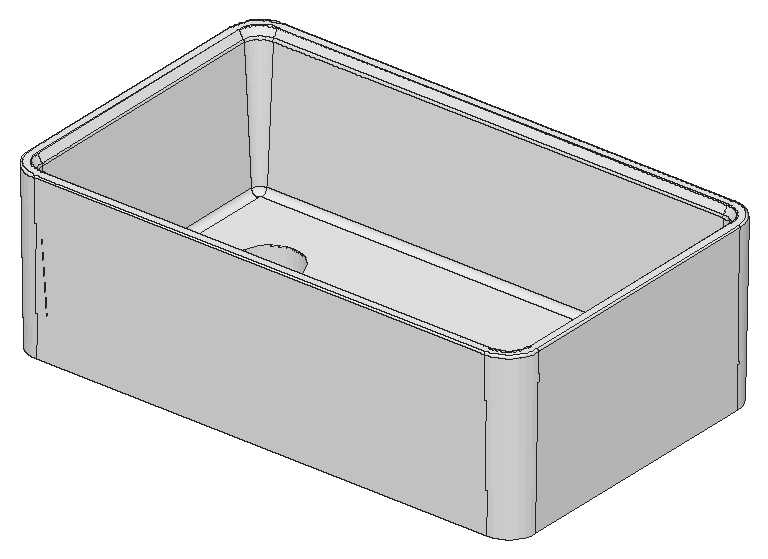
Revit family "Sink-DXV-Hillside-D20066230.415", category Plumbing Fixtures, Revit 2014
Parameters (values of type "D20066230.415")
  Width = 29 3/4"  # constant formula
  Waste Connection Width = 5 7/8"
  Waste Connection Radius = Waste Connection Diameter / 2  # 3/4"
  Waste Connection Offset = 6 1/4"  # constant formula
  Waste Connection Diameter = 1 1/2"
  Waste Connection = 1 < 2  # yes
  Warranty Information = "5 Year Limited Warranty, 1 Year Warranty on Accessories"
  WFU = 4  # constant formula
  Vent Connection = no
  Undermount Installation = no
  URL = "https://www.dxv.com/"
  Type Comments = "33\" (838mm) cabinet required"
  Topmount Installation = not(Undermount Installation)  # yes
  Sink Offset [instance] = 2"
  Product Page URL = "https://www.dxv.com/product/hillside-30-apron-kitchen-sink"
  Product Documentation Link = "https://dxv01.blob.core.windows.net/dxv-product-pdf-files/spec_D20066230EN.PDF"
  Price = "Prices may vary. Please consult Manufacturer Representative for most up-to-date price list."  # constant formula
  Mounting Height [instance] = if(Topmount Installation, Counter Thickness + Height, 0")  # 10 5/8"
  Model = "D20066230.415"
  Material = "Fine Fire Clay-DXV-415-Canvas White"
  Manufacturer = "DXV"  # constant formula
  Length = 18 3/16"  # constant formula
  Installation Type = "Dual Mount"  # constant formula
  Hot Water Connection Width = 4"
  Hot Water Connection Radius = Hot Water Connection Diameter / 2  # 1/4"
  Hot Water Connection Diameter = 1/2"
  Height = 9 5/8"  # constant formula
  HWFU = 3  # constant formula
  HW Connection = 1 < 2  # yes
  Finish = Fine Fire Clay-DXV-415-Canvas White
  Description = "Hillside 30'' Apron Kitchen"  # constant formula
  Default Elevation = 34"  # constant formula
  Creation Date = "04/30/2019"  # constant formula
  Counter Thickness [instance] = 1"
  Cold Water Connection Width = 4"
  Cold Water Connection Radius = 1/4"
  Cold Water Connection Diameter = Cold Water Connection Radius * 2  # 1/2"
  CWFU = 3  # constant formula
  CW Connection = 1 < 2  # yes
  Bowl Width = 28 3/16"  # constant formula
  Bowl Length = 15"  # constant formula
  Basin Shape = "Rectangular"  # constant formula
  Assembly Code = "D2010410"
  ADA Compliant = yes
Reference planes (in)
  plane 1 "Center (Front/Back)": y = 0
  plane 2: z = 0
  plane 3 "Center (Left/Right)": x = 0
  plane 4: x = -14.875
  plane 5: x = 14.875
  plane 6: y = -2
  plane 7: z = -1
  plane 8: z = 0
  plane 9 "Here": z = 9.625
  plane 10: y = -3.59375
  plane 11: x = -9
  plane 12: x = -14.09375
  plane 13: x = 14.09375
  plane 14: y = -8.25
  plane 15: z = -12.75
  plane 16: z = -14
  plane 17: x = -4
  plane 18: x = 4
  plane 19: z = 1.25
  plane 20: y = -18.59375
  plane 21: y = -20.1875
  plane 22: y = -11.09375
Forms (in)
  Extrusion 1, solid, not visible
    sketch origin (0, 0, 0) x (1, 0, 0) y (0, 0, 1)
      loop
        circle (-4, -12.75) r 0.25
      loop
        circle (4, -12.75) r 0.25
      loop
        circle (0, -14) r 0.75
    from 0 to 0.0625
  Sweep 2, solid, material "Fine Fire Clay-DXV-415-Canvas White" <- "Finish"
    path origin (0, 0, 0) x (1, 0, 0) y (0, 1, 0)
      loop
        arc (-13.125, -2) -> (-14.36244, -2.51256) -> (-14.875, -3.75) r 1.75
        line (-14.875, -3.75) -> (-14.875, -18.4375)
        arc (-14.875, -18.4375) -> (-14.36244, -19.67494) -> (-13.125, -20.1875) r 1.75
        line (-13.125, -20.1875) -> (13.125, -20.1875)
        arc (13.125, -20.1875) -> (14.36244, -19.67494) -> (14.875, -18.4375) r 1.75
        line (14.875, -18.4375) -> (14.875, -3.75)
        arc (14.875, -3.75) -> (14.36244, -2.51256) -> (13.125, -2) r 1.75
        line (13.125, -2) -> (-13.125, -2)
    profile origin (-14.875, -11.09375, 0) x (-1, 0, 0) y (0, 0, 1)
      loop
        arc (-0.75546, 9.18147) -> (-0.78685, 9.10496) -> (-0.8007, 9.02343) r 0.375
        line (-0.8007, 9.02343) -> (-1.2302, 1.60333)
        arc (-1.2302, 1.60333) -> (-1.34718, 1.35228) -> (-1.60457, 1.25) r 0.375
        line (-1.60457, 1.25) -> (-1.65619, 1.25) -> (-1.65619, 0) -> (-0.13887, 0) -> (-0.00141, 9.52322)
        arc (-0.00141, 9.52322) -> (-0.03032, 9.5951) -> (-0.10179, 9.625) r 0.10039
        line (-0.10179, 9.625) -> (-0.4897, 9.625)
        arc (-0.4897, 9.625) -> (-0.51, 9.61943) -> (-0.52461, 9.60429) r 0.03978
        line (-0.52461, 9.60429) -> (-0.75546, 9.18147)
  Extrusion 3, solid, material "Fine Fire Clay-DXV-415-Canvas White" <- "Finish"
    sketch origin (0, 0, 0) x (1, 0, 0) y (0, 1, 0)
      loop
        line (-13.125, -18.53131) -> (13.125, -18.53131)
        arc (13.125, -18.53131) -> (13.19134, -18.50384) -> (13.21881, -18.4375) r 0.09381
        line (13.21881, -18.4375) -> (13.21881, -3.75)
        arc (13.21881, -3.75) -> (13.19134, -3.68366) -> (13.125, -3.65619) r 0.09381
        line (13.125, -3.65619) -> (-13.125, -3.65619)
        arc (-13.125, -3.65619) -> (-13.19134, -3.68366) -> (-13.21881, -3.75) r 0.09381
        line (-13.21881, -3.75) -> (-13.21881, -18.4375)
        arc (-13.21881, -18.4375) -> (-13.19134, -18.50384) -> (-13.125, -18.53131) r 0.09381
      loop
        circle (-9, -8.25) r 1.75
    from 0 to 1.25
  Extrusion 4, void
    sketch origin (0, 0, 0) x (1, 0, 0) y (0, 1, 0)
      loop
        arc (-13.30528, -3.59375) -> (-13.86281, -3.82469) -> (-14.09375, -4.38222) r 0.78847
        line (-14.09375, -4.38222) -> (-14.09375, -17.80469)
        arc (-14.09375, -17.80469) -> (-13.86264, -18.36264) -> (-13.30469, -18.59375) r 0.78906
        line (-13.30469, -18.59375) -> (13.30469, -18.59375)
        arc (13.30469, -18.59375) -> (13.86264, -18.36264) -> (14.09375, -17.80469) r 0.78906
        line (14.09375, -17.80469) -> (14.09375, -4.38281)
        arc (14.09375, -4.38281) -> (13.86264, -3.82486) -> (13.30469, -3.59375) r 0.78906
        line (13.30469, -3.59375) -> (-13.30528, -3.59375)
    from -1 to 0
Cuts and joins
  joined: Sweep 2, Extrusion 3
Lines and regions (in)
  Masking region 1
    outline origin (0, 0, 0) x (1, 0, 0) y (0, 1, 0)
      loop
        arc (-13.125, -2) -> (-14.36244, -2.51256) -> (-14.875, -3.75) r 1.75
        line (-14.875, -3.75) -> (-14.875, -18.4375)
        arc (-14.875, -18.4375) -> (-14.36244, -19.67494) -> (-13.125, -20.1875) r 1.75
        line (-13.125, -20.1875) -> (13.125, -20.1875)
        arc (13.125, -20.1875) -> (14.36244, -19.67494) -> (14.875, -18.4375) r 1.75
        line (14.875, -18.4375) -> (14.875, -3.75)
        arc (14.875, -3.75) -> (14.36244, -2.51256) -> (13.125, -2) r 1.75
        line (13.125, -2) -> (-13.125, -2)
  symbolic lines, detail levels fine
    curve 1: circle (-9, -8.25, 0) r 1.75 normal (0, 0, 1)
  symbolic lines, detail levels medium+fine
    curve 2: line (-13.34375, -3.59375, 0) -> (13.34375, -3.59375, 0)
    curve 3: line (-14.09375, -17.84375, 0) -> (-14.09375, -4.34375, 0)
    curve 4: line (13.34375, -18.59375, 0) -> (-13.34375, -18.59375, 0)
    curve 5: line (14.09375, -4.34375, 0) -> (14.09375, -17.84375, 0)
    curve 6: arc (-14.09375, -4.34375, 0) -> (-13.87408, -3.81342, 0) -> (-13.34375, -3.59375, 0) r 0.75
    curve 7: arc (-13.34375, -18.59375, 0) -> (-13.87408, -18.37408, 0) -> (-14.09375, -17.84375, 0) r 0.75
    curve 8: arc (13.34375, -18.59375, 0) -> (13.87408, -18.37408, 0) -> (14.09375, -17.84375, 0) r 0.75
    curve 9: arc (13.34375, -3.59375, 0) -> (13.87408, -3.81342, 0) -> (14.09375, -4.34375, 0) r 0.75
Dimensions and locks (in)
  equal spacing: plane 4, plane 3 "Center (Left/Right)", plane 5
  "Sink Offset": plane 1 "Center (Front/Back)" to plane 6
  "Width": plane 4 to plane 5
  "Counter Thickness": level to plane 7
  "Mounting Height": plane 9 "Here" to plane 7
  "Height": plane 9 "Here" to plane 8
  "Waste Connection Offset": plane 6 to plane 14
  locked: level to plane 15 at 12.75
  locked: level to plane 16 at 14
  "Hot Water Connection Width": plane 17 to plane 3 "Center (Left/Right)"
  "Cold Water Connection Width": plane 18 to plane 3 "Center (Left/Right)"
  locked: plane 19 to plane 8 at 1.25
  equal spacing: plane 12, plane 3 "Center (Left/Right)", plane 13
  "Bowl Width": plane 12 to plane 13
  equal spacing: plane 6, plane 22, plane 21
  "Length": plane 6 to plane 21
  equal spacing: plane 20, plane 22, plane 10
  "Bowl Length": plane 20 to plane 10
  "Waste Connection Width": plane 4 to plane 11
  "Hot Water Connection Diameter": diameter of Extrusion 1 sketch curve
  "Cold Water Connection Diameter": diameter of Extrusion 1 sketch curve
  "Waste Connection Diameter": diameter of Extrusion 1 sketch curve
  radius of Sweep 2 sketch curve = 1 3/4"  (x4)
  radius of Sweep 2 sketch curve = 0.03978"
  radius of Sweep 2 sketch curve = 0.10039"
  radius of Extrusion 3 sketch curve = 1 3/4"
  radius of Extrusion 4 sketch curve = 0.78847"
  radius of Extrusion 4 sketch curve = 101/128"  (x3)
  radius of Masking region 1 sketch curve = 1 3/4"  (x4)
  radius of curve 6 = 3/4"
  radius of curve 7 = 3/4"
  radius of curve 8 = 3/4"
  radius of curve 9 = 3/4"
  aligned and locked: plane 15 to Extrusion 1 sketch curve  (x2)
  aligned and locked: Extrusion 1 sketch curve to plane 18
  aligned and locked: plane 17 to Extrusion 1 sketch curve
  aligned and locked: plane 16 to Extrusion 1 sketch curve
  aligned and locked: plane 3 "Center (Left/Right)" to Extrusion 1 sketch curve
  aligned and locked: Sweep 2 sketch curve to plane 6
  aligned and locked: plane 4 to Sweep 2 sketch curve
  aligned and locked: Sweep 2 sketch curve to plane 21
  aligned and locked: plane 5 to Sweep 2 sketch curve
  aligned and locked: Sweep 2 sketch curve to plane 19
  aligned and locked: plane 8 to Sweep 2 sketch curve
  aligned and locked: Sweep 2 sketch curve to plane 9 "Here"
  aligned and locked: Extrusion 3 sketch curve to cut or joined group of Sweep 2, Extrusion 3  (x4)
  aligned and locked: plane 11 to Extrusion 3 sketch curve
  aligned and locked: plane 14 to Extrusion 3 sketch curve
  aligned and locked: Extrusion 3 to plane 19
  aligned and locked: plane 8 to Extrusion 3
  aligned and locked: plane 10 to Extrusion 4 sketch curve
  aligned and locked: Extrusion 4 sketch curve to plane 12
  aligned and locked: Extrusion 4 sketch curve to plane 20
  aligned and locked: Extrusion 4 sketch curve to plane 13
  aligned and locked: plane 7 to Extrusion 4
  aligned and locked: level to Extrusion 4
  aligned and locked: Masking region 1 sketch curve to plane 6
  aligned and locked: plane 4 to Masking region 1 sketch curve
  aligned and locked: Masking region 1 sketch curve to plane 21
  aligned and locked: plane 5 to Masking region 1 sketch curve
  aligned and locked: plane 10 to curve 2
  aligned and locked: curve 3 to plane 12
  aligned and locked: curve 4 to plane 20
  aligned and locked: curve 5 to plane 13
  aligned and locked: curve 1 to cut or joined group of Sweep 2, Extrusion 3
Automatic sketch dimensions
  profile plane to Sweep 2 sketch curve = 1.65619"
  Sweep 2 sketch curve to Sweep 2 sketch curve = 0.05162"
  Sweep 2 sketch curve to Sweep 2 sketch curve = 0.37437"  (x2)
  profile plane to Sweep 2 sketch curve = 0.8007"
  Sweep 2 sketch curve to Sweep 2 sketch curve = 0.04524"
  Sweep 2 sketch curve to Sweep 2 sketch curve = 0.23085"
  Sweep 2 sketch curve to Sweep 2 sketch curve = 0.03491"
  profile plane to Sweep 2 sketch curve = 0.13887"
  profile plane to Sweep 2 sketch curve = 0.10179"
  profile plane to Sweep 2 sketch curve = 0.00141"
  Sweep 2 sketch curve to Sweep 2 sketch curve = 0.35333"
  Sweep 2 sketch curve to Sweep 2 sketch curve = 0.58346"
  Sweep 2 sketch curve to Sweep 2 sketch curve = 0.02167"
Connectors (in)
  piping at (-4, 0, -12.75), diameter 0.5, driven by "HWFU", driven by "Hot Water Connection Diameter"
    settings: on Extrusion 1, index 1, connector inside diameter 24", connector length 0", flow factor 0, pipe flow 0 GPM, pressure drop 0.00 psi, fitting loss kfactor 0, connector angle 0.00°, fixture units 3, engagement length 0", angle of deflection 0.00°, flow configuration 3, flow direction 1, fitting loss method 0, system type 19, joint type 0, gender type 0, connector reference index -1, connector utility 0, adjustable connector no, is connector primary yes, connector description "1/2\" HW Inlet"
  piping at (0, 0, -14), diameter 1.5, driven by "WFU", driven by "Waste Connection Diameter"
    settings: on Extrusion 1, index 2, connector inside diameter 24", connector length 0", flow factor 0, pipe flow 0 GPM, pressure drop 0.00 psi, fitting loss kfactor 0, connector angle 0.00°, fixture units 4, engagement length 0", angle of deflection 0.00°, flow configuration 3, flow direction 2, fitting loss method 0, system type 16, joint type 0, gender type 0, connector reference index -1, connector utility 0, adjustable connector yes, is connector primary no, connector description "1-1/2\" Waste Outlet"
  piping at (4, 0, -12.75), diameter 0.5, driven by "CWFU", driven by "Cold Water Connection Diameter"
    settings: on Extrusion 1, index 3, connector inside diameter 24", connector length 0", flow factor 0, pipe flow 0 GPM, pressure drop 0.00 psi, fitting loss kfactor 0, connector angle 0.00°, fixture units 3, engagement length 0", angle of deflection 0.00°, flow configuration 3, flow direction 1, fitting loss method 0, system type 20, joint type 0, gender type 0, connector reference index -1, connector utility 0, adjustable connector no, is connector primary no, connector description "1/2\" CW Inlet"
